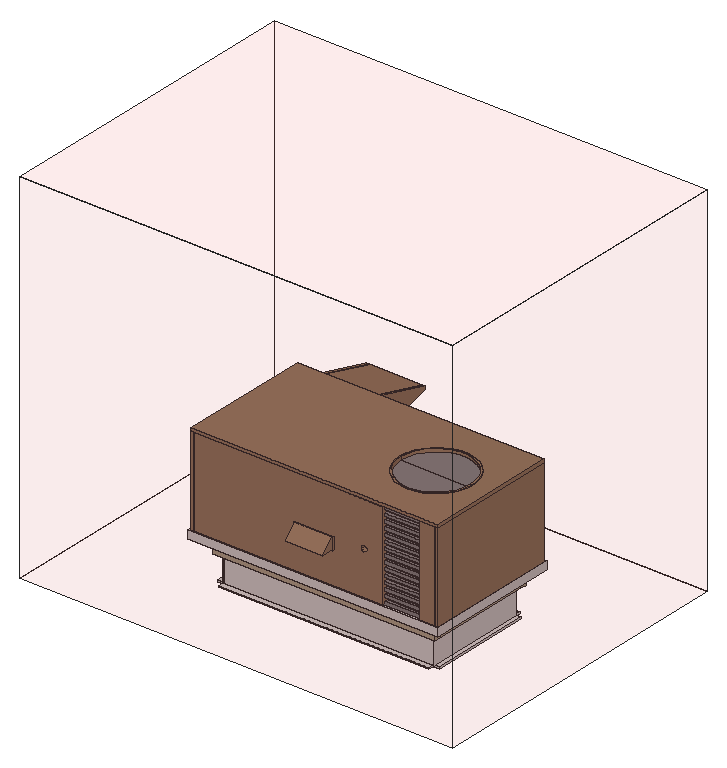
Revit family (continued)
Definition of nested family "Commercial_Comfort_System-Single_Packaged_Unit-Johnson_Controls-Series_5-Condenser_Coils"
  Dimensions and locks (in)
    aligned and locked: plane 25 "Row 12" to curve 13
    aligned and locked: curve 14 to plane 24 "Row 13"
    aligned and locked: curve 15 to plane 23 "Row 14"
    aligned and locked: curve 16 to plane 22 "Row 15"
    aligned and locked: curve 17 to plane 21 "Row 16"
    aligned and locked: curve 18 to plane 20 "Row 17"
    aligned and locked: curve 19 to plane 19 "Row 18"
    aligned and locked: curve 20 to plane 18 "Row 19"
    aligned and locked: curve 21 to plane 17 "Row 20"
    aligned and locked: curve 22 to plane 16 "Row 21"
    aligned and locked: curve 23 to plane 15 "Row 22"
    aligned and locked: curve 24 to plane 14 "Row 23"
    aligned and locked: curve 25 to plane 13 "Row 24"
    aligned and locked: curve 26 to plane 12 "Row 25"
    aligned and locked: curve 27 to plane 11 "Row 26"
    aligned and locked: curve 28 to plane 10 "Row 27"
    aligned and locked: Extrusion 2 sketch curve to plane 4 "Left"
    aligned and locked: plane 5 "Right" to Extrusion 2 sketch curve
    aligned and locked: Extrusion 2 sketch curve to plane 8 "Top"
    aligned and locked: plane 2 "Bottom" to Extrusion 2 sketch curve
    aligned and locked: Extrusion 2 to plane 6 "Front"
    aligned and locked: plane 7 "Back" to Extrusion 2
  Automatic sketch dimensions
    curve 1 to plane 4 "Left" = 0"
    curve 28 to plane 4 "Left" = 0"
    curve 2 to plane 4 "Left" = 0"
    curve 27 to plane 4 "Left" = 0"
    curve 3 to plane 4 "Left" = 0"
    curve 26 to plane 4 "Left" = 0"
    curve 4 to plane 4 "Left" = 0"
    curve 25 to plane 4 "Left" = 0"
    curve 5 to plane 4 "Left" = 0"
    curve 24 to plane 4 "Left" = 0"
    curve 6 to plane 4 "Left" = 0"
    curve 23 to plane 4 "Left" = 0"
    curve 7 to plane 4 "Left" = 0"
    curve 22 to plane 4 "Left" = 0"
    curve 8 to plane 4 "Left" = 0"
    curve 21 to plane 4 "Left" = 0"
    curve 9 to plane 4 "Left" = 0"
    curve 20 to plane 4 "Left" = 0"
    curve 10 to plane 4 "Left" = 0"
    curve 19 to plane 4 "Left" = 0"
    curve 11 to plane 4 "Left" = 0"
    curve 18 to plane 4 "Left" = 0"
    curve 12 to plane 4 "Left" = 0"
    curve 17 to plane 4 "Left" = 0"
    curve 13 to plane 4 "Left" = 0"
    curve 16 to plane 4 "Left" = 0"
    curve 14 to plane 4 "Left" = 0"
    curve 15 to plane 4 "Left" = 0"
    curve 14 to plane 5 "Right" = 0"
    curve 15 to plane 5 "Right" = 0"
    curve 13 to plane 5 "Right" = 0"
    curve 16 to plane 5 "Right" = 0"
    curve 12 to plane 5 "Right" = 0"
    curve 17 to plane 5 "Right" = 0"
    curve 11 to plane 5 "Right" = 0"
    curve 18 to plane 5 "Right" = 0"
    curve 10 to plane 5 "Right" = 0"
    curve 19 to plane 5 "Right" = 0"
    curve 9 to plane 5 "Right" = 0"
    curve 20 to plane 5 "Right" = 0"
    curve 8 to plane 5 "Right" = 0"
    curve 21 to plane 5 "Right" = 0"
    curve 7 to plane 5 "Right" = 0"
    curve 22 to plane 5 "Right" = 0"
    curve 6 to plane 5 "Right" = 0"
    curve 23 to plane 5 "Right" = 0"
    curve 5 to plane 5 "Right" = 0"
    curve 24 to plane 5 "Right" = 0"
    curve 4 to plane 5 "Right" = 0"
    curve 25 to plane 5 "Right" = 0"
    curve 3 to plane 5 "Right" = 0"
    curve 26 to plane 5 "Right" = 0"
    curve 2 to plane 5 "Right" = 0"
    curve 27 to plane 5 "Right" = 0"
    curve 1 to plane 5 "Right" = 0"
    curve 28 to plane 5 "Right" = 0"
Definition of nested family "Commercial_Comfort_System-Single_Packaged_Unit-Johnson_Controls-Series_5-Condenser_Fans"
  Parameters (values of type "Fan")
    Width = 24"
    Paint Finish = none
    Model = "Series 5 Condenser Fan"  # constant formula
    Manufacturer = "Johnson Controls"  # constant formula
    Fan Radius = 12"
    Fan Material = none
    Depth = 24"
    Box Frame Material = none
  Reference planes (in)
    plane 1 "Center (Front/Back)": y = -2.5
    plane 2 "Bottom": z = 0
    plane 3 "Center (Left/Right)": x = -2
    plane 4 "Left": x = -14
    plane 5 "Front": y = -14.5
    plane 6 "Right": x = 10
    plane 7 "Back": y = 9.5
    plane 8 "Left Inside Edge": x = -13.5
    plane 9 "Back Inside Edge": y = 9
    plane 10 "Right Inside Edge": x = 9.5
    plane 11 "Front Inside Edge": y = -14
    plane 12 "Top": z = 6
    plane 13 "Middle Circle Bottom": z = 5
  Forms (in)
    Revolve 1, solid, material <- "Paint Finish", detail levels medium+fine
      sketch origin (0, -2.5, 0) x (1, 0, 0) y (0, 0, 1)
        loop
          line (-2, 5) -> (-2, 0) -> (10, 0) -> (10, 6) -> (9.5, 6) -> (9.5, 5) -> (-2, 5)
        axis (-2, 0) -> (-2, 6)
      angle from 0 to 360
  Lines and regions (in)
    Masking region 1, detail levels medium+fine
      outline origin (0, 0, 6) x (-1, 0, 0) y (0, -1, 0)
        loop
          circle (2, 2.5) r 12
    symbolic lines, style "Fan Guard Medium", detail levels fine
      curve 1: circle (-2, -2.5, 6) r 11.5 normal (0, 0, 1)
  Dimensions and locks (in)
    equal spacing: plane 7 "Back", plane 1 "Center (Front/Back)", plane 5 "Front"
    "Depth": plane 7 "Back" to plane 5 "Front"
    equal spacing: plane 4 "Left", plane 3 "Center (Left/Right)", plane 6 "Right"
    "Width": plane 4 "Left" to plane 6 "Right"
    locked: plane 4 "Left" to plane 8 "Left Inside Edge" at 0.5
    locked: plane 10 "Right Inside Edge" to plane 6 "Right" at 0.5
    locked: plane 11 "Front Inside Edge" to plane 5 "Front" at 0.5
    locked: plane 7 "Back" to plane 9 "Back Inside Edge" at 0.5
    locked: plane 12 "Top" to plane 2 "Bottom" at 6
    locked: plane 12 "Top" to plane 13 "Middle Circle Bottom" at 1
    locked: plane 3 "Center (Left/Right)" to Masking region 1 sketch curve at 12
    locked: Masking region 1 sketch curve to plane 1 "Center (Front/Back)" at 12
    locked: plane 1 "Center (Front/Back)" to curve 1 at 11.5
    locked: plane 3 "Center (Left/Right)" to curve 1 at 11.5
    "Fan Radius": radius of Masking region 1 sketch curve
    aligned and locked: level to plane 2 "Bottom"
    aligned and locked: plane 12 "Top" to Revolve 1 sketch curve
    aligned and locked: plane 2 "Bottom" to Revolve 1 sketch curve  (x2)
    aligned and locked: plane 3 "Center (Left/Right)" to Revolve 1 sketch curve  (x2)
    aligned and locked: Revolve 1 sketch curve to plane 13 "Middle Circle Bottom"
    aligned and locked: Revolve 1 sketch curve to plane 10 "Right Inside Edge"
    aligned and locked: Revolve 1 sketch curve to plane 12 "Top"
    aligned and locked: plane 6 "Right" to Revolve 1 sketch curve
  Automatic sketch dimensions
    curve 1 to plane 3 "Center (Left/Right)" = 0"
Definition of nested family "Commercial_Comfort_System-Single_Packaged_Unit-Johnson_Controls-Series_5-Convenience_Outlet"
  Parameters (values of type "Outlet")
    Width = 2 1/2"
    Paint Finish = none
    Model = "Electrical Convenience Box"  # constant formula
    Manufacturer = "Johnson Controls"  # constant formula
    Height = 4 1/2"
    Frame Material = Steel - Johnson Controls - Galvanized
    Depth = 1 1/2"
  Reference planes (in)
    plane 1 "Center (Front/Back)": y = 0.5
    plane 2 "Bottom": z = 0
    plane 3 "Center (Left/Right)": x = 0
    plane 4 "Back": y = 1.25
    plane 5 "Front": y = -0.25
    plane 6 "Left": x = -1.25
    plane 7 "Right": x = 1.25
    plane 8 "Top": z = 4.5
  Forms (in)
    Extrusion 1, solid, material "Steel - Johnson Controls - Galvanized" <- "Frame Material", detail levels fine
      sketch origin (0, 0, 0) x (1, 0, 0) y (0, 1, 0)
        loop
          line (-1.25, 1.25) -> (-1.25, -0.25) -> (1.25, -0.25) -> (1.25, 1.25) -> (-1.25, 1.25)
      from 0 to 4.5
  Lines and regions (in)
    Masking region 1, detail levels medium+fine
      outline origin (0, 0, 4.5) x (-1, 0, 0) y (0, -1, 0)
        loop
          line (1.25, -1.25) -> (1.25, 0.25) -> (-1.25, 0.25) -> (-1.25, -1.25) -> (1.25, -1.25)
    Masking region 2, detail levels medium+fine
      outline origin (0, 1.25, 0) x (-1, 0, 0) y (0, 0, 1)
        loop
          line (1.25, 4.5) -> (-1.25, 4.5) -> (-1.25, 0) -> (1.25, 0) -> (1.25, 4.5)
    Masking region 3, detail levels medium+fine
      outline origin (0, 0, 0) x (0, 1, 0) y (0, 0, 1)
        loop
          line (1.25, 4.5) -> (-0.25, 4.5) -> (-0.25, 0) -> (1.25, 0) -> (1.25, 4.5)
    model lines, style "Framing Detail", detail levels medium
      curve 1: line (-1.25, -0.25, 4.5) -> (1.25, -0.25, 4.5)
      curve 2: line (-1.25, -0.25, 0) -> (-1.25, -0.25, 4.5)
      curve 3: line (1.25, -0.25, 0) -> (-1.25, -0.25, 0)
      curve 4: line (1.25, -0.25, 4.5) -> (1.25, -0.25, 0)
      curve 5: line (-1.25, 1.25, 4.5) -> (1.25, 1.25, 4.5)
      curve 6: line (-1.25, 1.25, 0) -> (-1.25, 1.25, 4.5)
      curve 7: line (1.25, 1.25, 0) -> (-1.25, 1.25, 0)
      curve 8: line (1.25, 1.25, 4.5) -> (1.25, 1.25, 0)
      curve 9: line (-1.25, 1.25, 0) -> (-1.25, -0.25, 0)
      curve 10: line (1.25, 1.25, 0) -> (1.25, -0.25, 0)
      curve 11: line (-1.25, 1.25, 4.5) -> (-1.25, -0.25, 4.5)
      curve 12: line (1.25, 1.25, 4.5) -> (1.25, -0.25, 4.5)
  Dimensions and locks (in)
    equal spacing: plane 6 "Left", plane 3 "Center (Left/Right)", plane 7 "Right"
    "Width": plane 6 "Left" to plane 7 "Right"
    equal spacing: plane 4 "Back", plane 1 "Center (Front/Back)", plane 5 "Front"
    "Depth": plane 4 "Back" to plane 5 "Front"
    "Height": plane 8 "Top" to plane 2 "Bottom"
    aligned and locked: level to plane 2 "Bottom"
    aligned and locked: Extrusion 1 sketch curve to plane 6 "Left"
    aligned and locked: plane 7 "Right" to Extrusion 1 sketch curve
    aligned and locked: plane 5 "Front" to Extrusion 1 sketch curve
    aligned and locked: Extrusion 1 sketch curve to plane 4 "Back"
    aligned and locked: Extrusion 1 to plane 2 "Bottom"
    aligned and locked: plane 8 "Top" to Extrusion 1
    aligned and locked: curve 1 to plane 8 "Top"
    aligned and locked: plane 7 "Right" to curve 4
    aligned and locked: curve 2 to plane 6 "Left"
    aligned and locked: plane 2 "Bottom" to curve 3
    aligned and locked: plane 2 "Bottom" to curve 7
    aligned and locked: plane 7 "Right" to curve 8
    aligned and locked: curve 6 to plane 6 "Left"
    aligned and locked: curve 5 to plane 8 "Top"
    aligned and locked: plane 4 "Back" to curve 9
    aligned and locked: plane 4 "Back" to curve 11
    aligned and locked: plane 5 "Front" to curve 9
    aligned and locked: plane 5 "Front" to curve 11
    aligned and locked: plane 5 "Front" to curve 12
    aligned and locked: plane 5 "Front" to curve 10
    aligned and locked: plane 4 "Back" to curve 12
    aligned and locked: plane 4 "Back" to curve 10
    aligned and locked: plane 7 "Right" to curve 10
    aligned and locked: plane 7 "Right" to curve 12
    aligned and locked: plane 6 "Left" to curve 9
    aligned and locked: plane 6 "Left" to curve 11
    aligned and locked: Masking region 1 sketch curve to plane 4 "Back"
    aligned and locked: Masking region 1 sketch curve to plane 6 "Left"
    aligned and locked: plane 7 "Right" to Masking region 1 sketch curve
    aligned and locked: plane 5 "Front" to Masking region 1 sketch curve
    aligned and locked: Masking region 2 sketch curve to plane 8 "Top"
    aligned and locked: plane 7 "Right" to Masking region 2 sketch curve
    aligned and locked: plane 2 "Bottom" to Masking region 2 sketch curve
    aligned and locked: Masking region 2 sketch curve to plane 6 "Left"
    aligned and locked: plane 2 "Bottom" to Masking region 3 sketch curve
    aligned and locked: Masking region 3 sketch curve to plane 8 "Top"
    aligned and locked: plane 5 "Front" to Masking region 3 sketch curve
    aligned and locked: Masking region 3 sketch curve to plane 4 "Back"
Definition of nested family "Included Clearance"
  Parameters (values of type "Include Clearance")
    Width = 36"
    Height = 36"
    Depth = 36"
    Clearance Top = 6"
    Clearance Right = 6"
    Clearance Material = Clearance
    Clearance Left = 6"
    Clearance Front = 6"
    Clearance Bottom = 6"
    Clearance Back = 6"
    Assembly Code = ""
  Reference planes (in)
    plane 1 "Center (Front/Back)": y = 0
    plane 2 "Bottom": z = 0
    plane 3 "Center (Left/Right)": x = 0
    plane 4 "Clearance Front": y = -24
    plane 5 "Top": z = 36
    plane 6 "Back": y = 18
    plane 7 "Left": x = -18
    plane 8 "Front": y = -18
    plane 9 "Right": x = 18
    plane 10 "Clearance Back": y = 24
    plane 11 "Clearance Left": x = -24
    plane 12 "Clearance Right": x = 24
    plane 13 "Clearance Top": z = 42
    plane 14 "Clearance Bottom": z = -6
  Forms (in)
    Extrusion 1, solid, material "Clearance" <- "Clearance Material"
      sketch origin (0, 0, 36) x (-1, 0, 0) y (0, -1, 0)
        loop
          line (24, -24) -> (24, 24) -> (-24, 24) -> (-24, -24) -> (24, -24)
      from -42 to 6
  Lines and regions (in)
    symbolic lines, style "Clearance"
      curve 1: line (-24, 24, 36) -> (24, 24, 36)
      curve 2: line (-24, -24, 36) -> (-24, 24, 36)
      curve 3: line (24, -24, 36) -> (-24, -24, 36)
      curve 4: line (24, 24, 36) -> (24, -24, 36)
      curve 5: line (-24, 0, 42) -> (24, 0, 42)
      curve 6: line (-24, 0, -6) -> (-24, 0, 42)
      curve 7: line (24, 0, -6) -> (-24, 0, -6)
      curve 8: line (24, 0, 42) -> (24, 0, -6)
      curve 9: line (0, -24, 42) -> (0, 24, 42)
      curve 10: line (0, -24, -6) -> (0, -24, 42)
      curve 11: line (0, 24, -6) -> (0, -24, -6)
      curve 12: line (0, 24, 42) -> (0, 24, -6)
  Dimensions and locks (in)
    "Height": plane 5 "Top" to plane 2 "Bottom"
    "Depth": plane 6 "Back" to plane 8 "Front"
    "Width": plane 7 "Left" to plane 9 "Right"
    equal spacing: plane 7 "Left", plane 3 "Center (Left/Right)", plane 9 "Right"
    equal spacing: plane 6 "Back", plane 1 "Center (Front/Back)", plane 8 "Front"
    "Clearance Bottom": plane 2 "Bottom" to plane 14 "Clearance Bottom"
    "Clearance Top": plane 13 "Clearance Top" to plane 5 "Top"
    "Clearance Left": plane 11 "Clearance Left" to plane 7 "Left"
    "Clearance Right": plane 9 "Right" to plane 12 "Clearance Right"
    "Clearance Back": plane 10 "Clearance Back" to plane 6 "Back"
    "Clearance Front": plane 4 "Clearance Front" to plane 8 "Front"
    aligned and locked: level to plane 2 "Bottom"
    aligned and locked: Extrusion 1 sketch curve to plane 10 "Clearance Back"
    aligned and locked: Extrusion 1 sketch curve to plane 11 "Clearance Left"
    aligned and locked: Extrusion 1 sketch curve to plane 12 "Clearance Right"
    aligned and locked: Extrusion 1 sketch curve to plane 4 "Clearance Front"
    aligned and locked: plane 14 "Clearance Bottom" to Extrusion 1
    aligned and locked: plane 13 "Clearance Top" to Extrusion 1
    aligned and locked: curve 1 to plane 10 "Clearance Back"
    aligned and locked: curve 2 to plane 11 "Clearance Left"
    aligned and locked: curve 4 to plane 12 "Clearance Right"
    aligned and locked: curve 3 to plane 4 "Clearance Front"
    aligned and locked: curve 5 to plane 13 "Clearance Top"
    aligned and locked: curve 6 to plane 11 "Clearance Left"
    aligned and locked: curve 7 to plane 14 "Clearance Bottom"
    aligned and locked: curve 8 to plane 12 "Clearance Right"
    aligned and locked: curve 9 to plane 13 "Clearance Top"
    aligned and locked: curve 11 to plane 14 "Clearance Bottom"
    aligned and locked: curve 12 to plane 10 "Clearance Back"
    aligned and locked: curve 10 to plane 4 "Clearance Front"
Definition of nested family "Commercial_Comfort_System-Single_Packaged_Unit-Johnson_Controls-Series_5-Hoods"
  Parameters (values of type "12 Inch Hood")
    Width = 12"
    Model = "5 Series Hoods"  # constant formula
    Manufacturer = "Johnson Controls"  # constant formula
    Depth = 4"
    Box Frame Material = Metal - JCI - Steel - Galvanized
  Types (3): name | Width | Box Frame Material
    (no name) | 12" | Metal - JCI - Steel - Galvanized
    6 Inch Hood | 6" | none
    12 Inch Hood | 12" | Metal - JCI - Steel - Galvanized
  Reference planes (in)
    plane 1 "Center (Front/Back)": y = 0
    plane 2 "Bottom": z = 0
    plane 3 "Center (Left/Right)": x = 0
    plane 4 "Back": y = 2
    plane 5 "Left": x = -6
    plane 6 "Right": x = 6
    plane 7 "Front": y = -2
    plane 8 "Top": z = 4
    plane 9 "Flange Offset Right": x = 6.5
    plane 10 "Flange Offset Left": x = -6.5
    plane 11 "Flange Front": y = 1.75
  Forms (in)
    Extrusion 1, solid, material "Metal - JCI - Steel - Galvanized" <- "Box Frame Material", detail levels fine
      sketch origin (0, 0, 0) x (0, 1, 0) y (0, 0, 1)
        loop
          line (1.75, 4) -> (-2, 0) -> (1.75, 0) -> (1.75, 4)
      from -6 to 6
    Extrusion 2, solid, material "Metal - JCI - Steel - Galvanized" <- "Box Frame Material", detail levels fine
      sketch origin (0, 0, 0) x (1, 0, 0) y (0, 0, 1)
        loop
          line (-6.5, 4) -> (-6.5, 0) -> (6.5, 0) -> (6.5, 4) -> (-6.5, 4)
      from -2 to -1.75
  Lines and regions (in)
    Masking region 1, detail levels medium+fine
      outline origin (0, 0, 0) x (0, 1, 0) y (0, 0, 1)
        loop
          line (2, 4) -> (1.75, 4) -> (1.75, 0) -> (2, 0) -> (2, 4)
    Masking region 2, detail levels fine
      outline origin (0, 0, 0) x (0, 1, 0) y (0, 0, 1)
        loop
          line (1.75, 4) -> (-2, 0) -> (1.75, 0) -> (1.75, 4)
    Masking region 3, detail levels medium+fine
      outline origin (0, 0, 0) x (1, 0, 0) y (0, 0, 1)
        loop
          line (-6, 4) -> (-6, 0) -> (6, 0) -> (6, 4) -> (-6, 4)
    Masking region 4, detail levels fine
      outline origin (0, 0, 0) x (1, 0, 0) y (0, 0, 1)
        loop
          line (-6.5, 4) -> (-6.5, 0) -> (-6, 0) -> (-6, 4) -> (-6.5, 4)
        loop
          line (6, 4) -> (6, 0) -> (6.5, 0) -> (6.5, 4) -> (6, 4)
    Masking region 5, detail levels medium+fine
      outline origin (0, 0, 0) x (1, 0, 0) y (0, 1, 0)
        loop
          line (-6.5, 2) -> (-6.5, 1.75) -> (6.5, 1.75) -> (6.5, 2) -> (-6.5, 2)
    Masking region 6, detail levels medium+fine
      outline origin (0, 0, 0) x (1, 0, 0) y (0, 1, 0)
        loop
          line (-6, 1.75) -> (-6, -2) -> (6, -2) -> (6, 1.75) -> (-6, 1.75)
    model lines, style "Hood Flanges", detail levels medium
      curve 1: line (6.5, 1.75, 4) -> (6.5, 2, 4)
      curve 2: line (6.5, 1.75, 0) -> (6.5, 1.75, 4)
      curve 3: line (6.5, 2, 0) -> (6.5, 1.75, 0)
      curve 4: line (6.5, 2, 4) -> (6.5, 2, 0)
      curve 5: line (-6.5, 1.75, 4) -> (-6.5, 2, 4)
      curve 6: line (-6.5, 1.75, 0) -> (-6.5, 1.75, 4)
      curve 7: line (-6.5, 2, 0) -> (-6.5, 1.75, 0)
      curve 8: line (-6.5, 2, 4) -> (-6.5, 2, 0)
      curve 9: line (-6, -2, 0) -> (-6, 1.75, 0)
      curve 10: line (-6, 1.75, 0) -> (-6, 1.75, 4)
      curve 11: line (-6, 1.75, 4) -> (-6, -2, 0)
      curve 12: line (6, -2, 0) -> (6, 1.75, 0)
      curve 13: line (6, 1.75, 0) -> (6, 1.75, 4)
      curve 14: line (6, 1.75, 4) -> (6, -2, 0)
      curve 15: line (-6.5, 2, 0) -> (6.5, 2, 0)
      curve 16: line (-6.5, 1.75, 0) -> (-6.5, 2, 0)
      curve 17: line (6.5, 1.75, 0) -> (-6.5, 1.75, 0)
      curve 18: line (6.5, 2, 0) -> (6.5, 1.75, 0)
      curve 19: line (-6, 1.75, 0) -> (-6, -2, 0)
      curve 20: line (-6, -2, 0) -> (6, -2, 0)
      curve 21: line (6, -2, 0) -> (6, 1.75, 0)
      curve 22: line (-6.5, 1.75, 4) -> (6.5, 1.75, 4)
      curve 23: line (-6.5, 2, 4) -> (6.5, 2, 4)
  Dimensions and locks (in)
    equal spacing: plane 4 "Back", plane 1 "Center (Front/Back)", plane 7 "Front"
    "Depth": plane 4 "Back" to plane 7 "Front"
    equal spacing: plane 5 "Left", plane 3 "Center (Left/Right)", plane 6 "Right"
    "Width": plane 5 "Left" to plane 6 "Right"
    locked: plane 8 "Top" to plane 2 "Bottom" at 4
    locked: plane 10 "Flange Offset Left" to plane 5 "Left" at 0.5
    locked: plane 6 "Right" to plane 9 "Flange Offset Right" at 0.5
    locked: plane 4 "Back" to plane 11 "Flange Front" at 0.25
    aligned and locked: level to plane 2 "Bottom"
    aligned and locked: Extrusion 1 sketch curve to plane 11 "Flange Front"
    aligned and locked: plane 2 "Bottom" to Extrusion 1 sketch curve
    aligned and locked: plane 7 "Front" to Extrusion 1 sketch curve
    aligned and locked: plane 11 "Flange Front" to Extrusion 1 sketch curve
    aligned and locked: plane 8 "Top" to Extrusion 1 sketch curve
    aligned and locked: plane 5 "Left" to Extrusion 1
    aligned and locked: Extrusion 1 to plane 6 "Right"
    aligned and locked: Extrusion 2 sketch curve to plane 8 "Top"
    aligned and locked: plane 2 "Bottom" to Extrusion 2 sketch curve
    aligned and locked: plane 9 "Flange Offset Right" to Extrusion 2 sketch curve
    aligned and locked: plane 4 "Back" to Extrusion 2
    aligned and locked: Extrusion 2 to plane 11 "Flange Front"
    aligned and locked: Extrusion 2 sketch curve to plane 10 "Flange Offset Left"
    aligned and locked: plane 2 "Bottom" to Masking region 1 sketch curve
    aligned and locked: Masking region 1 sketch curve to plane 8 "Top"
    aligned and locked: plane 11 "Flange Front" to Masking region 1 sketch curve
    aligned and locked: Masking region 1 sketch curve to plane 4 "Back"
    aligned and locked: Masking region 2 sketch curve to plane 11 "Flange Front"
    aligned and locked: plane 2 "Bottom" to Masking region 2 sketch curve
    aligned and locked: plane 7 "Front" to Masking region 2 sketch curve
    aligned and locked: plane 11 "Flange Front" to Masking region 2 sketch curve
    aligned and locked: plane 8 "Top" to Masking region 2 sketch curve
    aligned and locked: Masking region 3 sketch curve to plane 5 "Left"
    aligned and locked: plane 6 "Right" to Masking region 3 sketch curve
    aligned and locked: Masking region 3 sketch curve to plane 8 "Top"
    aligned and locked: plane 2 "Bottom" to Masking region 3 sketch curve
    aligned and locked: Masking region 4 sketch curve to plane 8 "Top"  (x2)
    aligned and locked: plane 2 "Bottom" to Masking region 4 sketch curve  (x2)
    aligned and locked: plane 5 "Left" to Masking region 4 sketch curve
    aligned and locked: Masking region 4 sketch curve to plane 10 "Flange Offset Left"
    aligned and locked: Masking region 4 sketch curve to plane 6 "Right"
    aligned and locked: plane 9 "Flange Offset Right" to Masking region 4 sketch curve
    aligned and locked: Masking region 5 sketch curve to plane 10 "Flange Offset Left"
    aligned and locked: plane 9 "Flange Offset Right" to Masking region 5 sketch curve
    aligned and locked: plane 11 "Flange Front" to Masking region 5 sketch curve
    aligned and locked: Masking region 5 sketch curve to plane 4 "Back"
    aligned and locked: Masking region 6 sketch curve to plane 11 "Flange Front"
    aligned and locked: Masking region 6 sketch curve to plane 5 "Left"
    aligned and locked: plane 6 "Right" to Masking region 6 sketch curve
    aligned and locked: plane 7 "Front" to Masking region 6 sketch curve
    aligned and locked: curve 1 to plane 8 "Top"
    aligned and locked: plane 2 "Bottom" to curve 3
    aligned and locked: plane 2 "Bottom" to curve 7
    aligned and locked: curve 5 to plane 8 "Top"
    aligned and locked: curve 4 to plane 4 "Back"
    aligned and locked: curve 8 to plane 4 "Back"
    aligned and locked: plane 11 "Flange Front" to curve 2
    aligned and locked: plane 11 "Flange Front" to curve 6
    aligned and locked: curve 9 to plane 2 "Bottom"
    aligned and locked: plane 11 "Flange Front" to curve 10
    aligned and locked: plane 7 "Front" to curve 11
    aligned and locked: plane 11 "Flange Front" to curve 1
    aligned and locked: plane 11 "Flange Front" to curve 13
    aligned and locked: curve 12 to plane 2 "Bottom"
    aligned and locked: plane 7 "Front" to curve 14
    aligned and locked: curve 16 to plane 10 "Flange Offset Left"
    aligned and locked: plane 9 "Flange Offset Right" to curve 18
    aligned and locked: plane 11 "Flange Front" to curve 17
    aligned and locked: curve 15 to plane 4 "Back"
    aligned and locked: plane 11 "Flange Front" to curve 21
    aligned and locked: curve 21 to plane 6 "Right"
    aligned and locked: plane 5 "Left" to curve 19
    aligned and locked: curve 20 to plane 7 "Front"
    aligned and locked: plane 10 "Flange Offset Left" to curve 23
    aligned and locked: plane 10 "Flange Offset Left" to curve 22
    aligned and locked: plane 9 "Flange Offset Right" to curve 23
    aligned and locked: plane 9 "Flange Offset Right" to curve 22
    aligned and locked: curve 22 to plane 11 "Flange Front"
    aligned and locked: curve 23 to plane 4 "Back"
  Automatic sketch dimensions
    curve 11 to plane 8 "Top" = 0"
    level to curve 14 = 4"
Definition of nested family "Commercial_Comfort_System-Single_Packaged_Unit-Johnson_Controls-Series_5-Economizer_Hood"
  Parameters (values of type "Economizer Hood")
    Width = 19 1/2"  # constant formula
    Model = "Economizer Hood"  # constant formula
    Manufacturer = "Johnson Controls"  # constant formula
    Height = 12 1/2"  # constant formula
    Frame Material = none
    Depth = 20"  # constant formula
  Reference planes (in)
    plane 1 "Center (Front/Back)": y = -1
    plane 2 "Bottom": z = 0
    plane 3 "Center (Left/Right)": x = -3.5
    plane 4 "Back": y = 9
    plane 5 "Front": y = -11
    plane 6 "Left": x = -13.25
    plane 7 "Right": x = 6.25
    plane 8 "Top": z = 12.5
    plane 9 "Left Inset": x = -12.25
    plane 10 "Right Inset": x = 5.25
    plane 11 "Middle": z = 6.25
    plane 12 "Middle Top": z = 6.75
    plane 13 "Middle Bottom": z = 5.75
    plane 14 "Front Offset": y = -10
    plane 15 "Back Offset": y = 8
    plane 16 "Top Offset": z = 11.5
  Forms (in)
    Extrusion 1, solid, material <- "Frame Material", detail levels fine
      sketch origin (-3.5, 0, 0) x (0, 1, 0) y (0, 0, 1)
        loop
          line (8, 5.75) -> (9, 5.75) -> (9, 6.75) -> (-11, 12.5) -> (-11, 11.5) -> (8, 6.67352) -> (8, 5.75)
      from -8.75 to 8.75
    Extrusion 2, solid, material <- "Frame Material", detail levels fine
      sketch origin (-3.5, 0, 0) x (0, 1, 0) y (0, 0, 1)
        loop
          line (-11, 12.5) -> (-11, 0) -> (9, 5.75) -> (9, 6.75) -> (-11, 12.5)
      from 8.75 to 9.75
    Extrusion 3, solid, material <- "Frame Material", detail levels fine
      sketch origin (-3.5, 0, 0) x (0, 1, 0) y (0, 0, 1)
        loop
          line (-11, 12.5) -> (-11, 0) -> (9, 5.75) -> (9, 6.75) -> (-11, 12.5)
      from -9.75 to -8.75
  Lines and regions (in)
    Masking region 1, detail levels medium+fine
      outline origin (0, 0, 0) x (1, 0, 0) y (0, 1, 0)
        loop
          line (-13.25, 9) -> (-13.25, -11) -> (6.25, -11) -> (6.25, 9) -> (-13.25, 9)
    Masking region 2, detail levels medium+fine
      outline origin (0, 9, 0) x (-1, 0, 0) y (0, 0, 1)
        loop
          line (13.25, 0) -> (13.25, 12.5) -> (-6.25, 12.5) -> (-6.25, 0) -> (-5.25, 0) -> (-5.25, 5.75) -> (12.25, 5.75) -> (12.25, 0) -> (13.25, 0)
    Masking region 3, detail levels medium+fine
      outline origin (-3.5, 0, 0) x (0, 1, 0) y (0, 0, 1)
        loop
          line (-11, 12.5) -> (-11, 0) -> (9, 5.75) -> (9, 6.75) -> (-11, 12.5)
    symbolic lines, detail levels fine
      curve 1: line (-13.25, -1, 6.75) -> (6.25, -1, 6.75)
      curve 2: line (5.25, -1, 5.75) -> (6.25, -1, 5.75)
      curve 3: line (-13.25, -1, 5.75) -> (-12.25, -1, 5.75)
    model lines, detail levels medium
      curve 4: line (-13.25, 9, 5.75) -> (-13.25, 9, 6.75)
      curve 5: line (-13.25, -11, 12.5) -> (-13.25, -11, 0)
      curve 6: line (-13.25, 9, 6.75) -> (-13.25, -11, 12.5)
      curve 7: line (-13.25, -11, 0) -> (-13.25, 9, 5.75)
      curve 8: line (6.25, 9, 6.75) -> (6.25, 9, 5.75)
      curve 9: line (6.25, -11, 12.5) -> (6.25, -11, 0)
      curve 10: line (6.25, 9, 6.75) -> (6.25, -11, 12.5)
      curve 11: line (6.25, 9, 5.75) -> (6.25, -11, 0)
      curve 12: line (6.25, 9, 6.75) -> (-13.25, 9, 6.75)
      curve 13: line (6.25, 9, 5.75) -> (-13.25, 9, 5.75)
      curve 14: line (-13.25, -11, 12.5) -> (6.25, -11, 12.5)
  Dimensions and locks (in)
    equal spacing: plane 6 "Left", plane 3 "Center (Left/Right)", plane 7 "Right"
    "Width": plane 6 "Left" to plane 7 "Right"
    "Depth": plane 4 "Back" to plane 5 "Front"
    "Height": plane 8 "Top" to plane 2 "Bottom"
    locked: plane 6 "Left" to plane 9 "Left Inset" at 1
    locked: plane 10 "Right Inset" to plane 7 "Right" at 1
    equal spacing: plane 8 "Top", plane 11 "Middle", plane 2 "Bottom"
    equal spacing: plane 12 "Middle Top", plane 11 "Middle", plane 13 "Middle Bottom"
    locked: plane 12 "Middle Top" to plane 13 "Middle Bottom" at 1
    locked: plane 5 "Front" to plane 14 "Front Offset" at 1
    locked: plane 15 "Back Offset" to plane 4 "Back" at 1
    locked: plane 8 "Top" to plane 16 "Top Offset" at 1
    aligned and locked: level to plane 2 "Bottom"
    aligned and locked: plane 9 "Left Inset" to Extrusion 1
    aligned and locked: Extrusion 1 to plane 10 "Right Inset"
    aligned and locked: plane 10 "Right Inset" to Extrusion 2
    aligned and locked: Extrusion 2 to plane 7 "Right"
    aligned and locked: Extrusion 3 to plane 9 "Left Inset"
    aligned and locked: plane 6 "Left" to Extrusion 3
    aligned and locked: Masking region 1 sketch curve to plane 6 "Left"
    aligned and locked: plane 7 "Right" to Masking region 1 sketch curve
    aligned and locked: Masking region 1 sketch curve to plane 4 "Back"
    aligned and locked: plane 5 "Front" to Masking region 1 sketch curve
    aligned and locked: plane 8 "Top" to Masking region 2 sketch curve
    aligned and locked: Masking region 2 sketch curve to plane 7 "Right"
    aligned and locked: plane 6 "Left" to Masking region 2 sketch curve
    aligned and locked: Masking region 2 sketch curve to plane 2 "Bottom"  (x2)
    aligned and locked: plane 10 "Right Inset" to Masking region 2 sketch curve
    aligned and locked: Masking region 2 sketch curve to plane 9 "Left Inset"
    aligned and locked: Masking region 2 sketch curve to plane 13 "Middle Bottom"
    aligned and locked: plane 6 "Left" to curve 1
    aligned and locked: plane 7 "Right" to curve 1
    aligned and locked: curve 1 to plane 12 "Middle Top"
    aligned and locked: plane 7 "Right" to curve 2
    aligned and locked: plane 10 "Right Inset" to curve 2
    aligned and locked: curve 2 to plane 13 "Middle Bottom"
    aligned and locked: plane 9 "Left Inset" to curve 3
    aligned and locked: plane 6 "Left" to curve 3
    aligned and locked: curve 3 to plane 13 "Middle Bottom"
    aligned and locked: plane 8 "Top" to Masking region 3 sketch curve
    aligned and locked: plane 2 "Bottom" to Masking region 3 sketch curve
    aligned and locked: plane 5 "Front" to Masking region 3 sketch curve  (x2)
    aligned and locked: plane 4 "Back" to Masking region 3 sketch curve  (x2)
    aligned and locked: plane 12 "Middle Top" to Masking region 3 sketch curve
    aligned and locked: plane 13 "Middle Bottom" to Masking region 3 sketch curve
    aligned and locked: Extrusion 1 sketch curve to plane 13 "Middle Bottom"
    aligned and locked: Extrusion 1 sketch curve to plane 15 "Back Offset"
    aligned and locked: plane 4 "Back" to Extrusion 1 sketch curve  (x2)
    aligned and locked: plane 8 "Top" to Extrusion 1 sketch curve
    aligned and locked: plane 12 "Middle Top" to Extrusion 1 sketch curve
    aligned and locked: plane 5 "Front" to Extrusion 1 sketch curve  (x2)
    aligned and locked: plane 16 "Top Offset" to Extrusion 1 sketch curve
    aligned and locked: plane 2 "Bottom" to Extrusion 3 sketch curve
    aligned and locked: Extrusion 3 sketch curve to plane 5 "Front"
    aligned and locked: plane 12 "Middle Top" to Extrusion 3 sketch curve
    aligned and locked: plane 13 "Middle Bottom" to Extrusion 3 sketch curve
    aligned and locked: Extrusion 3 sketch curve to plane 4 "Back"
    aligned and locked: plane 8 "Top" to Extrusion 3 sketch curve
    aligned and locked: plane 4 "Back" to Extrusion 3 sketch curve
    aligned and locked: plane 5 "Front" to Extrusion 3 sketch curve
    aligned and locked: plane 13 "Middle Bottom" to Extrusion 2 sketch curve
    aligned and locked: plane 4 "Back" to Extrusion 2 sketch curve  (x2)
    aligned and locked: plane 8 "Top" to Extrusion 2 sketch curve
    aligned and locked: plane 2 "Bottom" to Extrusion 2 sketch curve
    aligned and locked: plane 5 "Front" to Extrusion 2 sketch curve  (x2)
    aligned and locked: plane 12 "Middle Top" to Extrusion 2 sketch curve
    aligned and locked: plane 12 "Middle Top" to curve 4
    aligned and locked: curve 4 to plane 4 "Back"
    aligned and locked: plane 8 "Top" to curve 5
    aligned and locked: plane 2 "Bottom" to curve 5
    aligned and locked: plane 5 "Front" to curve 5
    aligned and locked: curve 7 to Extrusion 3
    aligned and locked: plane 12 "Middle Top" to curve 8
    aligned and locked: plane 13 "Middle Bottom" to curve 8
    aligned and locked: plane 8 "Top" to curve 9
    aligned and locked: plane 2 "Bottom" to curve 9
    aligned and locked: plane 5 "Front" to curve 9
    aligned and locked: curve 10 to curve 6
    aligned and locked: curve 11 to curve 7
    aligned and locked: plane 7 "Right" to curve 12
    aligned and locked: plane 7 "Right" to curve 13
    aligned and locked: plane 6 "Left" to curve 12
    aligned and locked: curve 5 to curve 13
    aligned and locked: curve 13 to plane 13 "Middle Bottom"
    aligned and locked: curve 12 to plane 12 "Middle Top"
    aligned and locked: plane 6 "Left" to curve 14
    aligned and locked: plane 7 "Right" to curve 14
    aligned and locked: curve 14 to plane 8 "Top"
  Automatic sketch dimensions
    Extrusion 1 sketch curve to plane 12 "Middle Top" = 0.07648"
Definition of nested family "Commercial_Comfort_System-Single_Packaged_Unit-Johnson_Controls-Series_20-Curb"
  Parameters
    Wood Material = none
    Opening Offset = 0"
    Frame Material = none
    Curb Width = 37 1/4"
    Curb Opening Width = 19 1/2"
    Curb Opening Length = 43 1/2"
    Curb Length = 73"
    Curb Height = 14"
  Reference planes (in)
    plane 1 "Center (Front/Back)": y = 0
    plane 2 "Curb Bottom": z = 0
    plane 3 "Center (Left/Right)": x = 0
    plane 4 "Curb Back": y = 18.625
    plane 5 "Curb Front": y = -18.625
    plane 6 "Curb Left": x = -36.5
    plane 7 "Curb Right": x = 36.5
    plane 8 "Curb Frame Left": x = -34.5
    plane 9 "Curb Frame Back": y = 16.625
    plane 10 "Curb Frame Front": y = -16.625
    plane 11 "Curb Frame Right": x = 34.5
    plane 12 "Opening Left": x = -34.5
    plane 13 "Opening Right": x = 9
    plane 14 "Opening Back": y = -2.875
    plane 15 "Curb Thickness Back": y = 16.875
    plane 16 "Curb Top": z = 14
    plane 17 "Wood Top": z = 13
    plane 18 "Wood Bottom": z = 9
    plane 19 "Flange Top": z = 0.5
    plane 20 "Side Left": x = -34.75
    plane 21 "Right Wall": x = 34.75
    plane 22 "Bottom Wall": y = -16.875
    plane 23: x = -10.5
    plane 24: x = -15
    plane 25 "Horizontal Bar Width": y = -4.875
    plane 26: x = 11
  Forms (in)
    Extrusion 1, solid, material <- "Frame Material", detail levels medium+fine
      sketch origin (0, 0, 0) x (1, 0, 0) y (0, 1, 0)
        loop
          line (-34.5, 16.625) -> (-34.5, -16.625) -> (34.5, -16.625) -> (34.5, 16.625) -> (-34.5, 16.625)
        loop
          line (-34.75, 16.875) -> (-34.75, -16.875) -> (34.75, -16.875) -> (34.75, 16.875) -> (-34.75, 16.875)
      from 0 to 14
    Extrusion 2, solid, material <- "Wood Material", detail levels fine
      sketch origin (0, 0, 0) x (1, 0, 0) y (0, 1, 0)
        loop
          line (-36.5, -16.625) -> (-36.5, -18.625) -> (36.5, -18.625) -> (36.5, -16.625) -> (-36.5, -16.625)
        loop
          line (-36.5, 18.625) -> (-36.5, 16.875) -> (36.5, 16.875) -> (36.5, 18.625) -> (-36.5, 18.625)
      from 9 to 13
    Extrusion 3, solid, material <- "Wood Material", detail levels fine
      sketch origin (0, 0, 0) x (1, 0, 0) y (0, 1, 0)
        loop
          line (-36.5, 16.875) -> (-36.5, -16.625) -> (-34.5, -16.625) -> (-34.5, 16.875) -> (-36.5, 16.875)
        loop
          line (34.5, 16.875) -> (34.5, -16.625) -> (36.5, -16.625) -> (36.5, 16.875) -> (34.5, 16.875)
      from 9 to 13
    Extrusion 4, solid, material <- "Frame Material", detail levels medium+fine
      sketch origin (0, 0, 0) x (1, 0, 0) y (0, 1, 0)
        loop
          line (-36.5, 18.625) -> (-36.5, -18.625) -> (36.5, -18.625) -> (36.5, 18.625) -> (-36.5, 18.625)
        loop
          line (-34.5, 16.875) -> (-34.5, -16.625) -> (34.5, -16.625) -> (34.5, 16.875) -> (-34.5, 16.875)
      from 13 to 14
    Extrusion 5, solid, material <- "Frame Material", detail levels medium+fine
      sketch origin (0, 0, 0) x (1, 0, 0) y (0, 1, 0)
        loop
          line (-36.5, 16.875) -> (-36.5, -16.625) -> (-34.5, -16.625) -> (-34.5, 16.875) -> (-36.5, 16.875)
        loop
          line (34.5, 16.875) -> (34.5, -16.625) -> (36.5, -16.625) -> (36.5, 16.875) -> (34.5, 16.875)
      from 0 to 0.5
    Extrusion 6, solid, material <- "Frame Material", detail levels medium+fine
      sketch origin (0, 0, 0) x (1, 0, 0) y (0, 1, 0)
        loop
          line (-34.5, 18.625) -> (-34.5, 16.875) -> (34.5, 16.875) -> (34.5, 18.625) -> (-34.5, 18.625)
        loop
          line (-34.5, -16.625) -> (-34.5, -18.625) -> (34.5, -18.625) -> (34.5, -16.625) -> (-34.5, -16.625)
      from 0 to 0.5
    Extrusion 7, solid, material <- "Frame Material", detail levels fine
      sketch origin (0, 0, 0.5) x (-1, 0, 0) y (0, -1, 0)
        loop
          line (34.5, 4.875) -> (-9, 4.875) -> (-9, 16.625) -> (-11, 16.625) -> (-11, -16.625) -> (-9, -16.625) -> (-9, 2.875) -> (10.5, 2.875) -> (10.5, -16.625) -> (15, -16.625) -> (15, 2.875) -> (34.5, 2.875) -> (34.5, 4.875)
      from 12.5 to 13.5
  Cuts and joins
    joined: Extrusion 1, Extrusion 4
  Lines and regions (in)
    Masking region 1
      outline origin (0, 0, 0) x (1, 0, 0) y (0, 0, 1)
        loop
          line (-36.5, 14) -> (-36.5, 13) -> (-34.5, 13) -> (-34.5, 0.5) -> (-36.5, 0.5) -> (-36.5, 0) -> (36.5, 0) -> (36.5, 0.5) -> (34.5, 0.5) -> (34.5, 13) -> (36.5, 13) -> (36.5, 14) -> (-36.5, 14)
    Masking region 2
      outline origin (0, 0, 0) x (0, 1, 0) y (0, 0, 1)
        loop
          line (-18.625, 14) -> (-18.625, 13) -> (-16.625, 13) -> (-16.625, 0.5) -> (-18.625, 0.5) -> (-18.625, 0) -> (18.625, 0) -> (18.625, 0.5) -> (16.875, 0.5) -> (16.875, 13) -> (18.625, 13) -> (18.625, 14) -> (-18.625, 14)
    Masking region 3, detail levels fine
      outline origin (0, 0, 0) x (0, 1, 0) y (0, 0, 1)
        loop
          line (-18.625, 13) -> (-18.625, 9) -> (-16.625, 9) -> (-16.625, 13) -> (-18.625, 13)
        loop
          line (16.875, 13) -> (16.875, 9) -> (18.625, 9) -> (18.625, 13) -> (16.875, 13)
    Masking region 4, detail levels fine
      outline origin (0, 0, 0) x (1, 0, 0) y (0, 0, 1)
        loop
          line (-36.5, 13) -> (-36.5, 9) -> (36.5, 9) -> (36.5, 13) -> (-36.5, 13)
    symbolic lines, style "Curb Medium", detail levels medium+fine
      curve 1: line (-34.5, 0, 0.5) -> (34.5, 0, 0.5)
      curve 3: line (0, -16.625, 13) -> (0, 16.875, 13)
      curve 4: line (0, -16.625, 0.5) -> (0, 16.875, 0.5)
    symbolic lines, style "Curb Medium", detail levels medium
      curve 2: line (-36.5, 0, 13) -> (36.5, 0, 13)
    symbolic lines, style "Curb Fine", detail levels fine
      curve 5: line (0, -16.625, 9) -> (0, 16.875, 9)
    model lines, style "Curb Coarse", detail levels coarse
      curve 6: line (-36.5, 18.625, 14) -> (36.5, 18.625, 14)
      curve 7: line (-36.5, -18.625, 14) -> (-36.5, 18.625, 14)
      curve 8: line (36.5, -18.625, 14) -> (-36.5, -18.625, 14)
      curve 9: line (36.5, 18.625, 14) -> (36.5, -18.625, 14)
      curve 10: line (-36.5, 18.625, 13) -> (36.5, 18.625, 13)
      curve 11: line (-36.5, -18.625, 13) -> (-36.5, 18.625, 13)
      curve 12: line (36.5, -18.625, 13) -> (-36.5, -18.625, 13)
      curve 13: line (36.5, 18.625, 13) -> (36.5, -18.625, 13)
      curve 14: line (-36.5, 18.625, 0.5) -> (36.5, 18.625, 0.5)
      curve 15: line (-36.5, -18.625, 0.5) -> (-36.5, 18.625, 0.5)
      curve 16: line (36.5, -18.625, 0.5) -> (-36.5, -18.625, 0.5)
      curve 17: line (36.5, 18.625, 0.5) -> (36.5, -18.625, 0.5)
      curve 18: line (-36.5, 18.625, 0) -> (36.5, 18.625, 0)
      curve 19: line (-36.5, -18.625, 0) -> (-36.5, 18.625, 0)
      curve 20: line (36.5, -18.625, 0) -> (-36.5, -18.625, 0)
      curve 21: line (36.5, 18.625, 0) -> (36.5, -18.625, 0)
      curve 22: line (-34.5, 16.875, 13) -> (34.5, 16.875, 13)
      curve 23: line (-34.5, -16.625, 13) -> (-34.5, 16.875, 13)
      curve 24: line (34.5, -16.625, 13) -> (-34.5, -16.625, 13)
      curve 25: line (34.5, 16.875, 13) -> (34.5, -16.625, 13)
      curve 26: line (-34.5, 16.875, 0.5) -> (34.5, 16.875, 0.5)
      curve 27: line (-34.5, -16.625, 0.5) -> (-34.5, 16.875, 0.5)
      curve 28: line (34.5, -16.625, 0.5) -> (-34.5, -16.625, 0.5)
      curve 29: line (34.5, 16.875, 0.5) -> (34.5, -16.625, 0.5)
      curve 30: line (-36.5, 18.625, 13) -> (-36.5, 18.625, 14)
      curve 31: line (-36.5, 18.625, 0) -> (-36.5, 18.625, 0.5)
      curve 32: line (-36.5, -18.625, 0) -> (-36.5, -18.625, 0.5)
      curve 33: line (-36.5, -18.625, 13) -> (-36.5, -18.625, 14)
      curve 34: line (36.5, -18.625, 0) -> (36.5, -18.625, 0.5)
      curve 35: line (36.5, -18.625, 13) -> (36.5, -18.625, 14)
      curve 36: line (36.5, 18.625, 13) -> (36.5, 18.625, 14)
      curve 37: line (36.5, 18.625, 0) -> (36.5, 18.625, 0.5)
      curve 38: line (34.5, 16.875, 0.5) -> (34.5, 16.875, 13)
      curve 39: line (34.5, -16.625, 0.5) -> (34.5, -16.625, 13)
      curve 40: line (-34.5, -16.625, 0.5) -> (-34.5, -16.625, 13)
      curve 41: line (-34.5, 16.875, 0.5) -> (-34.5, 16.875, 13)
  Dimensions and locks (in)
    equal spacing: plane 6 "Curb Left", plane 3 "Center (Left/Right)", plane 7 "Curb Right"
    "Curb Length": plane 6 "Curb Left" to plane 7 "Curb Right"
    equal spacing: plane 4 "Curb Back", plane 1 "Center (Front/Back)", plane 5 "Curb Front"
    "Curb Width": plane 5 "Curb Front" to plane 4 "Curb Back"
    locked: plane 6 "Curb Left" to plane 8 "Curb Frame Left" at 2
    locked: plane 4 "Curb Back" to plane 9 "Curb Frame Back" at 2
    locked: plane 5 "Curb Front" to plane 10 "Curb Frame Front" at 2
    locked: plane 11 "Curb Frame Right" to plane 7 "Curb Right" at 2
    "Curb Opening Width": plane 9 "Curb Frame Back" to plane 14 "Opening Back"
    locked: plane 15 "Curb Thickness Back" to plane 9 "Curb Frame Back" at 0.25
    "Opening Offset": plane 8 "Curb Frame Left" to plane 12 "Opening Left"
    "Curb Opening Length": plane 12 "Opening Left" to plane 13 "Opening Right"
    "Curb Height": plane 16 "Curb Top" to plane 2 "Curb Bottom"
    locked: plane 16 "Curb Top" to plane 17 "Wood Top" at 1
    locked: plane 17 "Wood Top" to plane 18 "Wood Bottom" at 4
    locked: plane 19 "Flange Top" to plane 2 "Curb Bottom" at 0.5
    locked: plane 6 "Curb Left" to plane 20 "Side Left" at 1.75
    locked: plane 21 "Right Wall" to plane 7 "Curb Right" at 1.75
    locked: plane 5 "Curb Front" to plane 22 "Bottom Wall" at 1.75
    locked: plane 12 "Opening Left" to plane 24 at 19.5
    locked: plane 24 to plane 23 at 4.5
    locked: plane 25 "Horizontal Bar Width" to plane 14 "Opening Back" at 2
    locked: plane 13 "Opening Right" to plane 26 at 2
    aligned and locked: plane 11 "Curb Frame Right" to Extrusion 1 sketch curve
    aligned and locked: Extrusion 1 sketch curve to plane 10 "Curb Frame Front"
    aligned and locked: plane 8 "Curb Frame Left" to Extrusion 1 sketch curve
    aligned and locked: plane 16 "Curb Top" to Extrusion 1
    aligned and locked: Extrusion 1 to plane 2 "Curb Bottom"
    aligned and locked: Extrusion 2 sketch curve to plane 4 "Curb Back"
    aligned and locked: plane 6 "Curb Left" to Extrusion 2 sketch curve  (x2)
    aligned and locked: plane 7 "Curb Right" to Extrusion 2 sketch curve  (x2)
    aligned and locked: plane 15 "Curb Thickness Back" to Extrusion 2 sketch curve
    aligned and locked: plane 10 "Curb Frame Front" to Extrusion 2 sketch curve
    aligned and locked: Extrusion 2 sketch curve to plane 5 "Curb Front"
    aligned and locked: plane 17 "Wood Top" to Extrusion 2
    aligned and locked: Extrusion 2 to plane 18 "Wood Bottom"
    aligned and locked: Extrusion 3 sketch curve to plane 15 "Curb Thickness Back"  (x2)
    aligned and locked: Extrusion 3 sketch curve to plane 8 "Curb Frame Left"
    aligned and locked: plane 6 "Curb Left" to Extrusion 3 sketch curve
    aligned and locked: Extrusion 3 sketch curve to plane 10 "Curb Frame Front"  (x2)
    aligned and locked: Extrusion 3 sketch curve to plane 11 "Curb Frame Right"
    aligned and locked: plane 7 "Curb Right" to Extrusion 3 sketch curve
    aligned and locked: plane 17 "Wood Top" to Extrusion 3
    aligned and locked: Extrusion 3 to plane 18 "Wood Bottom"
    aligned and locked: plane 6 "Curb Left" to Extrusion 4 sketch curve
    aligned and locked: plane 7 "Curb Right" to Extrusion 4 sketch curve
    aligned and locked: Extrusion 4 sketch curve to plane 4 "Curb Back"
    aligned and locked: Extrusion 4 sketch curve to plane 5 "Curb Front"
    aligned and locked: plane 16 "Curb Top" to Extrusion 4
    aligned and locked: Extrusion 4 to plane 17 "Wood Top"
    aligned and locked: Extrusion 4 sketch curve to plane 10 "Curb Frame Front"
    aligned and locked: plane 11 "Curb Frame Right" to Extrusion 4 sketch curve
    aligned and locked: plane 8 "Curb Frame Left" to Extrusion 4 sketch curve
    aligned and locked: Extrusion 4 sketch curve to plane 15 "Curb Thickness Back"
    aligned and locked: Extrusion 5 sketch curve to plane 10 "Curb Frame Front"  (x2)
    aligned and locked: Extrusion 5 sketch curve to plane 15 "Curb Thickness Back"  (x2)
    aligned and locked: plane 6 "Curb Left" to Extrusion 5 sketch curve
    aligned and locked: Extrusion 5 sketch curve to plane 8 "Curb Frame Left"
    aligned and locked: Extrusion 5 sketch curve to plane 11 "Curb Frame Right"
    aligned and locked: plane 7 "Curb Right" to Extrusion 5 sketch curve
    aligned and locked: Extrusion 5 to plane 2 "Curb Bottom"
    aligned and locked: plane 19 "Flange Top" to Extrusion 5
    aligned and locked: plane 8 "Curb Frame Left" to Extrusion 6 sketch curve  (x2)
    aligned and locked: plane 11 "Curb Frame Right" to Extrusion 6 sketch curve  (x2)
    aligned and locked: plane 15 "Curb Thickness Back" to Extrusion 6 sketch curve
    aligned and locked: Extrusion 6 sketch curve to plane 4 "Curb Back"
    aligned and locked: plane 10 "Curb Frame Front" to Extrusion 6 sketch curve
    aligned and locked: Extrusion 6 sketch curve to plane 5 "Curb Front"
    aligned and locked: Extrusion 6 to plane 2 "Curb Bottom"
    aligned and locked: plane 19 "Flange Top" to Extrusion 6
    aligned and locked: plane 8 "Curb Frame Left" to curve 1
    aligned and locked: plane 11 "Curb Frame Right" to curve 1
    aligned and locked: curve 1 to plane 19 "Flange Top"
    aligned and locked: plane 6 "Curb Left" to curve 2
    aligned and locked: plane 7 "Curb Right" to curve 2
    aligned and locked: curve 2 to plane 17 "Wood Top"
    aligned and locked: plane 17 "Wood Top" to Masking region 2 sketch curve  (x2)
    aligned and locked: Masking region 2 sketch curve to plane 5 "Curb Front"  (x2)
    aligned and locked: Masking region 2 sketch curve to plane 16 "Curb Top"
    aligned and locked: Masking region 2 sketch curve to plane 10 "Curb Frame Front"
    aligned and locked: Masking region 2 sketch curve to plane 19 "Flange Top"  (x2)
    aligned and locked: plane 2 "Curb Bottom" to Masking region 2 sketch curve
    aligned and locked: Masking region 2 sketch curve to plane 4 "Curb Back"  (x2)
    aligned and locked: Masking region 2 sketch curve to plane 15 "Curb Thickness Back"
    aligned and locked: plane 10 "Curb Frame Front" to curve 3
    aligned and locked: plane 15 "Curb Thickness Back" to curve 3
    aligned and locked: curve 3 to plane 17 "Wood Top"
    aligned and locked: plane 10 "Curb Frame Front" to curve 4
    aligned and locked: plane 15 "Curb Thickness Back" to curve 4
    aligned and locked: curve 4 to plane 19 "Flange Top"
    aligned and locked: plane 10 "Curb Frame Front" to curve 5
    aligned and locked: plane 15 "Curb Thickness Back" to curve 5
    aligned and locked: curve 5 to plane 18 "Wood Bottom"
    aligned and locked: Masking region 3 sketch curve to plane 17 "Wood Top"  (x2)
    aligned and locked: Masking region 3 sketch curve to plane 4 "Curb Back"
    aligned and locked: plane 18 "Wood Bottom" to Masking region 3 sketch curve  (x2)
    aligned and locked: plane 15 "Curb Thickness Back" to Masking region 3 sketch curve
    aligned and locked: plane 10 "Curb Frame Front" to Masking region 3 sketch curve
    aligned and locked: Masking region 3 sketch curve to plane 5 "Curb Front"
    aligned and locked: plane 17 "Wood Top" to Masking region 1 sketch curve  (x2)
    aligned and locked: plane 6 "Curb Left" to Masking region 1 sketch curve  (x2)
    aligned and locked: Masking region 1 sketch curve to plane 16 "Curb Top"
    aligned and locked: plane 8 "Curb Frame Left" to Masking region 1 sketch curve
    aligned and locked: Masking region 1 sketch curve to plane 19 "Flange Top"  (x2)
    aligned and locked: plane 2 "Curb Bottom" to Masking region 1 sketch curve
    aligned and locked: plane 7 "Curb Right" to Masking region 1 sketch curve  (x2)
    aligned and locked: plane 11 "Curb Frame Right" to Masking region 1 sketch curve
    aligned and locked: plane 6 "Curb Left" to Masking region 4 sketch curve
    aligned and locked: plane 7 "Curb Right" to Masking region 4 sketch curve
    aligned and locked: plane 18 "Wood Bottom" to Masking region 4 sketch curve
    aligned and locked: Masking region 4 sketch curve to plane 17 "Wood Top"
    aligned and locked: curve 6 to plane 4 "Curb Back"
    aligned and locked: curve 10 to plane 4 "Curb Back"
    aligned and locked: curve 14 to plane 4 "Curb Back"
    aligned and locked: curve 18 to plane 4 "Curb Back"
    aligned and locked: plane 7 "Curb Right" to curve 9
    aligned and locked: plane 7 "Curb Right" to curve 13
    aligned and locked: plane 7 "Curb Right" to curve 17
    aligned and locked: plane 7 "Curb Right" to curve 21
    aligned and locked: plane 6 "Curb Left" to curve 7
    aligned and locked: plane 6 "Curb Left" to curve 11
    aligned and locked: plane 6 "Curb Left" to curve 15
    aligned and locked: plane 6 "Curb Left" to curve 19
    aligned and locked: curve 8 to plane 5 "Curb Front"
    aligned and locked: curve 12 to plane 5 "Curb Front"
    aligned and locked: curve 16 to plane 5 "Curb Front"
    aligned and locked: curve 20 to plane 5 "Curb Front"
    aligned and locked: curve 22 to plane 15 "Curb Thickness Back"
    aligned and locked: curve 26 to plane 15 "Curb Thickness Back"
    aligned and locked: plane 8 "Curb Frame Left" to curve 23
    aligned and locked: plane 8 "Curb Frame Left" to curve 27
    aligned and locked: curve 24 to plane 10 "Curb Frame Front"
    aligned and locked: curve 28 to plane 10 "Curb Frame Front"
    aligned and locked: plane 11 "Curb Frame Right" to curve 25
    aligned and locked: plane 11 "Curb Frame Right" to curve 29
    aligned and locked: plane 16 "Curb Top" to curve 33
    aligned and locked: plane 16 "Curb Top" to curve 30
    aligned and locked: plane 17 "Wood Top" to curve 33
    aligned and locked: plane 17 "Wood Top" to curve 30
    aligned and locked: plane 6 "Curb Left" to curve 30
    aligned and locked: plane 6 "Curb Left" to curve 33
    aligned and locked: plane 19 "Flange Top" to curve 32
    aligned and locked: plane 19 "Flange Top" to curve 31
    aligned and locked: plane 2 "Curb Bottom" to curve 32
    aligned and locked: plane 2 "Curb Bottom" to curve 31
    aligned and locked: plane 6 "Curb Left" to curve 31
    aligned and locked: plane 6 "Curb Left" to curve 32
    aligned and locked: plane 16 "Curb Top" to curve 36
    aligned and locked: plane 16 "Curb Top" to curve 35
    aligned and locked: plane 17 "Wood Top" to curve 36
    aligned and locked: plane 17 "Wood Top" to curve 35
    aligned and locked: plane 19 "Flange Top" to curve 37
    aligned and locked: plane 19 "Flange Top" to curve 34
    aligned and locked: plane 2 "Curb Bottom" to curve 37
    aligned and locked: plane 2 "Curb Bottom" to curve 34
    aligned and locked: curve 34 to plane 7 "Curb Right"
    aligned and locked: curve 37 to plane 7 "Curb Right"
    aligned and locked: curve 35 to plane 7 "Curb Right"
    aligned and locked: curve 36 to plane 7 "Curb Right"
    aligned and locked: plane 17 "Wood Top" to curve 41
    aligned and locked: plane 17 "Wood Top" to curve 40
    aligned and locked: plane 19 "Flange Top" to curve 41
    aligned and locked: plane 19 "Flange Top" to curve 40
    aligned and locked: plane 8 "Curb Frame Left" to curve 40
    aligned and locked: plane 8 "Curb Frame Left" to curve 41
    aligned and locked: plane 19 "Flange Top" to curve 39
    aligned and locked: plane 19 "Flange Top" to curve 38
    aligned and locked: plane 17 "Wood Top" to curve 39
    aligned and locked: plane 17 "Wood Top" to curve 38
    aligned and locked: curve 38 to plane 11 "Curb Frame Right"
    aligned and locked: curve 39 to plane 11 "Curb Frame Right"
    aligned and locked: Extrusion 1 sketch curve to plane 9 "Curb Frame Back"
    aligned and locked: plane 20 "Side Left" to Extrusion 1 sketch curve
    aligned and locked: Extrusion 1 sketch curve to plane 15 "Curb Thickness Back"
    aligned and locked: plane 21 "Right Wall" to Extrusion 1 sketch curve
    aligned and locked: Extrusion 1 sketch curve to plane 22 "Bottom Wall"
    aligned and locked: plane 12 "Opening Left" to Extrusion 7 sketch curve
    aligned and locked: plane 14 "Opening Back" to Extrusion 7 sketch curve  (x2)
    aligned and locked: plane 24 to Extrusion 7 sketch curve
    aligned and locked: Extrusion 7 sketch curve to plane 9 "Curb Frame Back"  (x2)
    aligned and locked: Extrusion 7 sketch curve to plane 23
    aligned and locked: plane 13 "Opening Right" to Extrusion 7 sketch curve  (x2)
    aligned and locked: Extrusion 7 sketch curve to plane 26
    aligned and locked: Extrusion 7 sketch curve to plane 10 "Curb Frame Front"
    aligned and locked: Extrusion 7 sketch curve to plane 25 "Horizontal Bar Width"
    aligned and locked: plane 16 "Curb Top" to Extrusion 7
    aligned and locked: Extrusion 7 to plane 17 "Wood Top"
